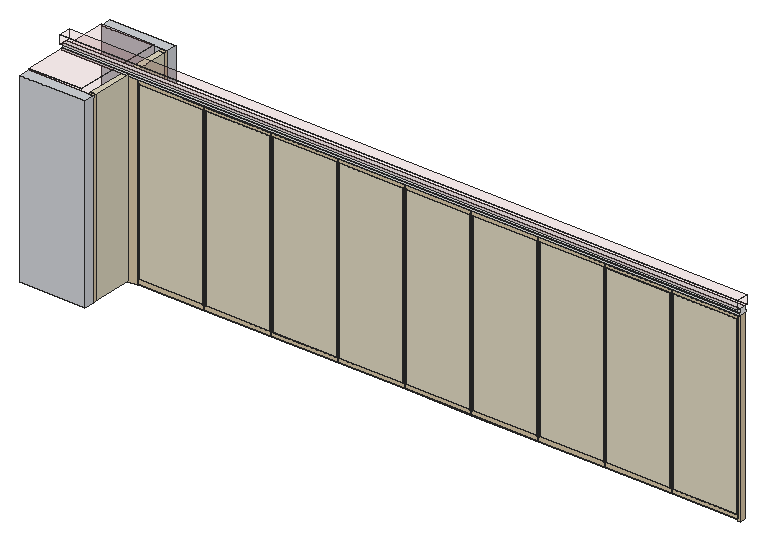
Revit family "Partition_Corflex_5500_Series_Outside_Pocket", category Specialty Equipment, Revit 2026
Family settings
  Round Connector Dimension = Use Diameter
  Part Type = Normal
  Classification Number = 23.25.40.17.11
  Work Plane-Based = No
  Enable Cutting in Views = No
  Always vertical = Yes
  Cut with Voids When Loaded = No
  Maintain Annotation Orientation = No
  Shared = No
  Room Calculation Point = No
Parameters (values of type "Outside Pocket")
  Track back offset [instance] = 0 mm  # constant formula
  Unit Height [instance] = Opening Height Auxiliary - Finished Floor Thickness - Track Location Control  # 3022.6 mm
  URL = "http://www.corflex.ca/"
  Track Lenght [instance] = 10000 mm
  Track front offset [instance] = 0 mm  # constant formula
  Track Width Above = 88.9 mm  # constant formula
  Track Width = 127 mm  # constant formula
  Track Location Control [instance] = if(Flush Ceiling Track, 0 mm, 25.4 mm)  # 25.4 mm
  Track Height = 88.9 mm  # constant formula
  Swing Angle [instance] = if(Limit Pocket Door Swing Angle, 90.00°, 135.00°)  # 135.00°
  Show Stacked [instance] = no
  Panel Width Stacked [instance] = Panel Width  # 1090 mm
  Stack Spacing Plan Control [instance] = Stack Spacing Plan / 2  # 46 mm
  Stack Spacing Plan [instance] = Panel Thickness + Field Decoration Allowance  # 92 mm
  Stack Depth Allowance [instance] = if(Panel Finish Carpet, 12.7 mm, 3.969 mm)  # 3.969 mm
  Stack Depth [instance] = (Panel Thickness * Total Panel Quantity) + 38 mm  # 866 mm
  Specification sheet = ""
  Specification = "https://www.arcat.com/company/corflex-partitions-inc-39436/spec"
  Show Extended [instance] = not(Show Stacked)  # yes
  Product Page URL = "https://www.arcat.com/company/corflex-partitions-inc-39436"
  Panel Thickness [instance] = 92 mm  # constant formula
  Opening Width [instance] = 10000 mm
  Panel Quantity Auxiliary [instance] = roundup((Opening Width - Closure Width Trail - Closure Width Lead Standard) / Panel Width Max) + Additional Panel Quantity  # 9
  Total Panel Quantity [instance] = (roundup((Opening Width - Closure Width Trail - Closure Width Lead Calculated) / Panel Width Max)) + Additional Panel Quantity  # 9
  Opening Height [instance] = 3048 mm
  Keynote = "10 22 26"
  Pocket Door Type = if(Enter Pocket Door Type = 0, "None", if(Enter Pocket Door Type = 2, "2", if(Enter Pocket Door Type = 3, "3", "Invalid")))  # "3"
  Flush Ceiling Track [instance] = no
  Enter Pocket Door Type = 3  # constant formula
  Pocket Door Left Opening [instance] = if(Enter Pocket Door Type = 3, Clearance Width / 2, Clearance Width - Pocket Door Right Opening)  # 745 mm
  Pocket Door Right Opening [instance] = if(Enter Pocket Door Type = 3, Clearance Width / 2, if(Enter Pocket Door Type = 2, (Clearance Width / 2) + 88.9 mm, Clearance Width / 2))  # 745 mm
  Partition Width [instance] = (Panel Width * Total Panel Quantity) + Closure Width Lead Calculated + Closure Width Trail  # 10000 mm
  Panel Width Min = 533 mm  # constant formula
  Panel Width Max = 1219 mm  # constant formula
  Panel Width [instance] = if(((Opening Width - Closure Width Trail - Closure Width Lead Calculated) / Total Panel Quantity) > 1219 mm, ((Opening Width - Closure Width Trail - Closure Width Lead Calculated) / (Total Panel Quantity + 1)), ((Opening Width - Closure Width Trail - Closure Width Lead Calculated) / Total Panel Quantity))  # 1090 mm
  Panel Finish Vinyl [instance] = not(Panel Finish Carpet)  # yes
  Panel Finish Carpet [instance] = no
  Model = "5500"  # constant formula
  Manufacturer Telephone = "1 877 410-2422 or (1) 450 444-2441"  # constant formula
  Manufacturer = "Corflex, Inc."  # constant formula
  Limit Pocket Door Swing Angle [instance] = no
  Finished Floor Thickness [instance] = 0 mm
  Finish Material Track = Corflex - Track - Clear anodized
  Finish Material Pocket Door = Corflex - Vinyl - Blizzard
  Finish Material Panel = Corflex - Vinyl - Blizzard
  Finish Material Metal = Corflex - Trim - Beige
  Field Decoration Allowance [instance] = 0 mm
  Default Elevation = 0 mm
  Description = "Operable Partition"  # constant formula
  Copyright = "ARCAT"
  Closure Width Trail = 152 mm  # constant formula
  Closure Width Lead Calculated [instance] = if(and(Panel Quantity Auxiliary > 15, Closure Width Lead 102 mm Only Available if Panel Quantity Exceeds 15 Panels), 102 mm, if(and(Panel Quantity Auxiliary > 15, Closure Width Lead 114 mm Only Available if Panel Quantity Exceeds 15 Panels), 114 mm, if(and(Panel Quantity Auxiliary > 15, Closure Width Lead 152 mm Only Available if Panel Quantity Exceeds 15 Panels), 152 mm, 38 mm)))  # 38 mm
  Closure Width Lead 152 mm Only Available if Panel Quantity Exceeds 15 Panels [instance] = no
  Closure Width Lead 114 mm Only Available if Panel Quantity Exceeds 15 Panels [instance] = no
  Closure Width Lead 102 mm Only Available if Panel Quantity Exceeds 15 Panels [instance] = no
  Closure Width Lead Standard = 38 mm  # constant formula
  Closure Type Trail = "Lever"  # constant formula
  Closure Type Lead = if(Closure Width Lead Standard = 38 mm, "Bulb Seal", if(Closure Width Lead Standard = 154 mm, "Lever", if(Closure Width Lead Standard = 102 mm, "Wall Jamb", "Contact Manufacturer")))  # "Bulb Seal"
  Clearance Width [instance] = Panel Width + 400 mm  # 1490 mm
  Clearance Depth [instance] = (Panel Thickness * Total Panel Quantity) + 240 mm  # 1068 mm
  Opening Height Auxiliary [instance] = if(and(Additional Panel Quantity < 0, ((Opening Width - Closure Width Trail - Closure Width Lead Calculated) / Total Panel Quantity) > 1219 mm), -50 mm, if(Opening Height > 6096 mm, 6096 mm, Opening Height))  # 3048 mm
  CSI MasterFormat 2004 = "10 22 26"
  CSI MasterFormat = "10 22 39"
  CAD Details = "https://www.arcat.com/company/corflex-partitions-inc-39436/cad"
  Assembly Code = "C1010300"
  Additional Panel Quantity [instance] = 0
  Acoustic Seal [instance] = yes
  Door Panel Position From Left [instance] = Panel Width / 2  # 545 mm
Reference planes
  plane 1 "Center (Front/Back)": y = 0
  plane 2 "Origin": z = 0
  plane 3 "Left": x = 0
  plane 4 "Right": x = 10000
  plane 5 "Back Panel": y = 46
  plane 6 "Front Panel": y = -46
  plane 7 "Back": y = 745
  plane 8 "Front": y = -745
  plane 9 "Back Track": y = 63.5
  plane 10 "Front Track": y = -63.5
  plane 11 "Array First Extended": x = 152
  plane 12 "Array Second Extended": x = 1242
  plane 13 "Right Closure Lead": x = 9962
  plane 14 "Top Clearance": z = 3251.2
  plane 15 "Bottom Panel": z = 0
  plane 16 "Top": z = 3111.5
  plane 17 "Bottom Track": z = 3022.6
  plane 18 "Center Track (Elevation)": z = 3048
  plane 19 "Ceiling Height": z = 3048
  plane 20 "Back Track Clearance": y = 101.6
  plane 21 "Front Track Clearance": y = -101.6
  plane 22: x = 10000
  plane 23 "Array First Stacked Control": x = -1064.031
  plane 24 "Panel Thickness": x = -972.031
  plane 25 "Array Second Stacked Control": x = -968.063
  plane 26 "Array First Stacked": x = -1018.031
  plane 27 "Array Second Stacked": x = -922.063
  plane 28: x = -1068
  plane 29: x = -202
  plane 30: x = -1068
Forms (mm)
  Extrusion 1, solid, material "Corflex - Track - Clear anodized" <- "Finish Material Track"
    sketch origin (0, 0, 0) x (0, 1, 0) y (0, 0, 1)
      loop
        line (44.45, 3111.5) -> (-44.45, 3111.5) -> (-44.45, 3048) -> (-63.5, 3048) -> (-63.5, 3022.6) -> (63.5, 3022.6) -> (63.5, 3048) -> (44.45, 3048) -> (44.45, 3111.5)
    from -1068 to 10000
  Extrusion 2, solid, material "Corflex - Clearance beam and track"
    sketch origin (0, 0, 0) x (0, 1, 0) y (0, 0, 1)
      loop
        line (101.6, 3251.2) -> (-101.6, 3251.2) -> (-101.6, 3111.5) -> (101.6, 3111.5) -> (101.6, 3251.2)
    from -1068 to 10000
  Extrusion 3, solid
    sketch origin (-3400, 341.346, 0) x (1, 0, 0) y (0, 1, 0)
      loop
        line (3400, 403.654) -> (3400, 581.454) -> (2332, 581.454) -> (2332, 403.654) -> (3400, 403.654)
      loop
        line (2332, -1086.346) -> (2332, -1264.146) -> (3400, -1264.146) -> (3400, -1086.346) -> (2332, -1086.346)
    from 0 to 3022.6
  Extrusion 4, solid, material "Corflex - Clearance beam and track"
    sketch origin (0, 0, 0) x (-1, 0, 0) y (0, -1, 0)
      loop
        line (1068, -745) -> (1068, 745) -> (202, 745) -> (202, -745) -> (1068, -745)
    from 0 to 3048
Lines and regions (mm)
  symbolic lines, style "Clearance"
    curve 1: line (-1068, 0, 3251.2) -> (10000, 0, 3251.2)
    curve 2: line (-1068, 0, 3048) -> (-1068, 0, 0)
    curve 3: line (100, 0, 3048) -> (100, 0, 0)
    curve 4: line (10000, 0, 3251.2) -> (10000, 0, 3048)
    curve 6: line (0, 745, 3048) -> (0, 745, 0)
    curve 7: line (0, -745, 3048) -> (0, -745, 0)
    curve 10: line (-1068, 0, 3048) -> (10000, 0, 3048)
    curve 11: line (0, 745, 0) -> (0, -745, 0)
    curve 12: line (0, 101.6, 3251.2) -> (0, -101.6, 3251.2)
    curve 13: line (0, 101.6, 3251.2) -> (0, 101.6, 3048)
    curve 14: line (0, -101.6, 3251.2) -> (0, -101.6, 3048)
    curve 15: line (0, 745, 3048) -> (0, 101.6, 3048)
    curve 16: line (0, -101.6, 3048) -> (0, -745, 3048)
    curve 19: line (-1068, 0, 0) -> (100, 0, 0)
    curve 20: line (0, 745, 0) -> (0, -745, 0)
    curve 21: line (-1068, 745, 0) -> (-1068, -745, 0)
    curve 22: line (0, 745, 0) -> (-1068, 745, 0)
    curve 23: line (0, -745, 0) -> (-1068, -745, 0)
    curve 24: line (-1068, 0, 3048) -> (-1068, 0, 3251.2)
    curve 25: line (-202, 745, 0) -> (-202, -745, 0)
  symbolic lines, style "Clearance", detail levels medium+fine
    curve 5: line (0, 101.6, 3251.2) -> (0, -101.6, 3251.2)
  symbolic lines, style "Overhead"
    curve 8: line (10000, 63.5, 3048) -> (-1068, 63.5, 3048)
    curve 9: line (10000, -63.5, 3048) -> (-1068, -63.5, 3048)
    curve 17: line (10000, 63.5, 3048) -> (10000, -63.5, 3048)
    curve 18: line (-1068, 63.5, 3048) -> (-1068, -63.5, 3048)
Dimensions and locks
  equal spacing: plane 8 "Front", plane 1 "Center (Front/Back)", plane 7 "Back"
  "Clearance Width": plane 8 "Front" to plane 7 "Back"
  "Track Width": plane 10 "Front Track" to plane 9 "Back Track"
  equal spacing: plane 10 "Front Track", plane 1 "Center (Front/Back)", plane 9 "Back Track"
  "Panel Thickness": plane 6 "Front Panel" to plane 5 "Back Panel"
  equal spacing: plane 6 "Front Panel", plane 1 "Center (Front/Back)", plane 5 "Back Panel"
  "Opening Width": plane 3 "Left" to plane 4 "Right"
  "Panel Width": plane 11 "Array First Extended" to plane 12 "Array Second Extended"
  "Closure Width Lead Calculated": plane 13 "Right Closure Lead" to plane 4 "Right"
  "Finished Floor Thickness": plane 15 "Bottom Panel" to level
  "Track Height": plane 16 "Top" to plane 17 "Bottom Track"
  locked: plane 18 "Center Track (Elevation)" to plane 17 "Bottom Track" at 25.4
  "Track Location Control": plane 19 "Ceiling Height" to plane 17 "Bottom Track"
  "Opening Height Auxiliary": plane 19 "Ceiling Height" to level
  locked: plane 14 "Top Clearance" to plane 19 "Ceiling Height" at 203.2
  equal spacing: group 1, group 2, group 3, group 4, group 5, group 6, group 7, group 8, group 9  (x3)
  "Track Width Above": Extrusion 1 sketch curve to Extrusion 1 sketch curve
  locked: plane 21 "Front Track Clearance" to plane 20 "Back Track Clearance" at 203.2
  equal spacing: plane 21 "Front Track Clearance", plane 1 "Center (Front/Back)", plane 20 "Back Track Clearance"
  equal spacing: Extrusion 1 sketch curve, plane 1 "Center (Front/Back)", Extrusion 1 sketch curve
  "Track front offset": plane 4 "Right" to plane 22
  "Stack Depth Allowance": plane 28 to plane 23 "Array First Stacked Control"
  "Stack Spacing Plan": plane 23 "Array First Stacked Control" to plane 24 "Panel Thickness"
  "Stack Depth Allowance": plane 24 "Panel Thickness" to plane 25 "Array Second Stacked Control"
  "Stack Spacing Plan Control": plane 25 "Array Second Stacked Control" to plane 27 "Array Second Stacked"
  equal spacing: plane 23 "Array First Stacked Control", plane 26 "Array First Stacked", plane 24 "Panel Thickness"
  equal spacing: group 10, group 11, group 12, group 13, group 14, group 15, group 16, group 17, group 18  (x3)
  locked: plane 7 "Back" to Extrusion 3 sketch curve at 177.8
  locked: Extrusion 3 sketch curve to plane 8 "Front" at 177.8
  "Track back offset": plane 30 to plane 28
  "Stack Depth": plane 28 to plane 29
  "Clearance Depth": plane 28 to plane 3 "Left"
  "Closure Width Trail": plane 3 "Left" to plane 11 "Array First Extended"
  aligned and locked: plane 2 "Origin" to level
  aligned and locked: plane 1 "Center (Front/Back)" to nested 1
  aligned and locked: Extrusion 1 sketch curve to plane 17 "Bottom Track"
  aligned and locked: Extrusion 1 sketch curve to plane 18 "Center Track (Elevation)"  (x2)
  aligned and locked: Extrusion 1 sketch curve to plane 16 "Top"
  aligned and locked: Extrusion 1 sketch curve to plane 9 "Back Track"
  aligned and locked: Extrusion 1 sketch curve to plane 10 "Front Track"
  aligned and locked: nested 5 to plane 1 "Center (Front/Back)"
  aligned and locked: plane 1 "Center (Front/Back)" to nested 6
  aligned and locked: plane 4 "Right" to nested 6
  aligned and locked: plane 14 "Top Clearance" to Extrusion 2 sketch curve
  aligned and locked: curve 1 to plane 14 "Top Clearance"
  aligned and locked: curve 4 to plane 4 "Right"
  aligned and locked: plane 19 "Ceiling Height" to curve 3
  aligned and locked: plane 7 "Back" to curve 6
  aligned and locked: plane 8 "Front" to curve 7
  aligned and locked: curve 8 to plane 9 "Back Track"
  aligned and locked: plane 4 "Right" to curve 8
  aligned and locked: curve 9 to plane 10 "Front Track"
  aligned and locked: Extrusion 2 sketch curve to plane 20 "Back Track Clearance"
  aligned and locked: Extrusion 2 sketch curve to plane 21 "Front Track Clearance"
  aligned and locked: curve 10 to plane 19 "Ceiling Height"
  aligned and locked: plane 4 "Right" to curve 10
  aligned and locked: plane 15 "Bottom Panel" to curve 11
  aligned and locked: plane 14 "Top Clearance" to curve 12
  aligned and locked: plane 20 "Back Track Clearance" to curve 13
  aligned and locked: plane 21 "Front Track Clearance" to curve 14
  aligned and locked: plane 19 "Ceiling Height" to curve 15
  aligned and locked: plane 19 "Ceiling Height" to curve 16
  aligned and locked: curve 19 to plane 15 "Bottom Panel"
  aligned and locked: curve 20 to plane 3 "Left"
  aligned and locked: Extrusion 2 to plane 16 "Top"
  aligned and locked: plane 22 to Extrusion 1
  aligned and locked: plane 22 to Extrusion 2
  aligned and locked: plane 17 "Bottom Track" to Extrusion 3
  aligned and locked: Extrusion 3 to plane 7 "Back"
  aligned and locked: plane 1 "Center (Front/Back)" to nested 11
  aligned and locked: Extrusion 4 sketch curve to plane 8 "Front"
  aligned and locked: Extrusion 4 sketch curve to plane 7 "Back"
  aligned and locked: plane 18 "Center Track (Elevation)" to Extrusion 4
  aligned and locked: plane 11 "Array First Extended" to nested 1
  aligned and locked: plane 12 "Array Second Extended" to nested 2
  aligned and locked: plane 26 "Array First Stacked" to nested 13
  aligned and locked: plane 27 "Array Second Stacked" to nested 14
  aligned and locked: plane 28 to Extrusion 3 sketch curve  (x2)
  aligned and locked: Extrusion 3 sketch curve to plane 8 "Front"
  aligned and locked: Extrusion 4 sketch curve to plane 29
  aligned and locked: Extrusion 4 sketch curve to plane 28
  aligned and locked: curve 21 to plane 28
  aligned and locked: plane 30 to Extrusion 2
  aligned and locked: plane 30 to Extrusion 1
  aligned and locked: plane 30 to curve 18
  aligned and locked: curve 24 to plane 30
  aligned and locked: curve 2 to plane 28
  aligned and locked: nested 5 to plane 3 "Left"
  aligned and locked: Extrusion 3 sketch curve to plane 3 "Left"
  aligned and locked: plane 7 "Back" to curve 25
  aligned and locked: plane 8 "Front" to curve 25
  aligned and locked: curve 25 to plane 29
Automatic sketch dimensions
  plane 3 "Left" to curve 3 = 100 mm
  Extrusion 2 sketch curve to plane 16 "Top" = 0 mm
  Extrusion 3 sketch curve to plane 3 "Left" = 0 mm
  Extrusion 3 sketch curve to plane 7 "Back" = 0 mm
Nested families
  nested 1: "Panel" at (697, 0, 0), visible <- "Show Extended", Acoustic Seal <- "Acoustic Seal", type "Extended"
    with Acoustic Seal yes
  nested 2: "Panel" at (1787, 0, 0), visible <- "Show Extended", Acoustic Seal <- "Acoustic Seal", type "Extended"
    with Acoustic Seal yes
  nested 3: "Panel" at (2877, 0, 0), visible <- "Show Extended", Acoustic Seal <- "Acoustic Seal", type "Extended"
    with Acoustic Seal yes
  nested 4: "Panel" at (3967, 0, 0), visible <- "Show Extended", Acoustic Seal <- "Acoustic Seal", type "Extended"
    with Acoustic Seal yes
  nested 5: "Closure" at (152, 0, 0) x (-1, 0, 0) z (0, 0, 1), type "Trail"
    with Show Stacked no, Show Extended yes, Panel Thickness 92 mm, Not Flange yes, Masking Region Depth 0 mm, Height 3022.6 mm, Closure Width 152 mm, Ceiling Height 3048 mm, Bottom Seal Height 25 mm
  nested 6: "Closure" at (9962, 0, 0), type "Lead"
    with Show Stacked no, Show Extended yes, Panel Thickness 92 mm, Not Flange yes, Masking Region Depth 0 mm, Height 3022.6 mm, Closure Width 38 mm, Ceiling Height 3048 mm, Bottom Seal Height 25 mm
  nested 7: "Panel" at (5057, 0, 0), visible <- "Show Extended", Acoustic Seal <- "Acoustic Seal", type "Extended"
    with Acoustic Seal yes
  nested 8: "Panel" at (6147, 0, 0), visible <- "Show Extended", Acoustic Seal <- "Acoustic Seal", type "Extended"
    with Acoustic Seal yes
  nested 9: "Panel" at (7237, 0, 0), visible <- "Show Extended", Acoustic Seal <- "Acoustic Seal", type "Extended"
    with Acoustic Seal yes
  nested 10: "Panel" at (8327, 0, 0), visible <- "Show Extended", Acoustic Seal <- "Acoustic Seal", type "Extended"
    with Acoustic Seal yes
  nested 11: "Pocket Door Multiple" at (0, 0, 0) x (0, -1, 0) z (0, 0, 1), type "Pocket Door Multiple"
  nested 12: "Panel" at (9417, 0, 0), visible <- "Show Extended", Acoustic Seal <- "Acoustic Seal", type "Extended"
    with Acoustic Seal yes
  nested 13: "Panel" at (-1018.031, 0, 0) x (0, 1, 0) z (0, 0, 1), visible <- "Show Stacked", type "Stacked"
    with Acoustic Seal no
  nested 14: "Panel" at (-922.063, 0, 0) x (0, 1, 0) z (0, 0, 1), visible <- "Show Stacked", type "Stacked"
    with Acoustic Seal no
  nested 15: "Panel" at (-826.094, 0, 0) x (0, 1, 0) z (0, 0, 1), visible <- "Show Stacked", type "Stacked"
    with Acoustic Seal no
  nested 16: "Panel" at (-730.125, 0, 0) x (0, 1, 0) z (0, 0, 1), visible <- "Show Stacked", type "Stacked"
    with Acoustic Seal no
  nested 17: "Panel" at (-634.156, 0, 0) x (0, 1, 0) z (0, 0, 1), visible <- "Show Stacked", type "Stacked"
    with Acoustic Seal no
  nested 18: "Panel" at (-538.188, 0, 0) x (0, 1, 0) z (0, 0, 1), visible <- "Show Stacked", type "Stacked"
    with Acoustic Seal no
  nested 19: "Panel" at (-442.219, 0, 0) x (0, 1, 0) z (0, 0, 1), visible <- "Show Stacked", type "Stacked"
    with Acoustic Seal no
  nested 20: "Panel" at (-346.25, 0, 0) x (0, 1, 0) z (0, 0, 1), visible <- "Show Stacked", type "Stacked"
    with Acoustic Seal no
  nested 21: "Panel Center Line" at (-1018.031, 0, 0), Panel Width Stacked <- "Panel Width Stacked", type "Panel Center Line"
    with Panel Width Stacked 1090 mm
  nested 22: "Panel Center Line" at (-922.063, 0, 0), Panel Width Stacked <- "Panel Width Stacked", type "Panel Center Line"
    with Panel Width Stacked 1090 mm
  nested 23: "Panel Center Line" at (-826.094, 0, 0), Panel Width Stacked <- "Panel Width Stacked", type "Panel Center Line"
    with Panel Width Stacked 1090 mm
  nested 24: "Panel Center Line" at (-730.125, 0, 0), Panel Width Stacked <- "Panel Width Stacked", type "Panel Center Line"
    with Panel Width Stacked 1090 mm
  nested 25: "Panel Center Line" at (-634.156, 0, 0), Panel Width Stacked <- "Panel Width Stacked", type "Panel Center Line"
    with Panel Width Stacked 1090 mm
  nested 26: "Panel Center Line" at (-538.188, 0, 0), Panel Width Stacked <- "Panel Width Stacked", type "Panel Center Line"
    with Panel Width Stacked 1090 mm
  nested 27: "Panel Center Line" at (-442.219, 0, 0), Panel Width Stacked <- "Panel Width Stacked", type "Panel Center Line"
    with Panel Width Stacked 1090 mm
  nested 28: "Panel Center Line" at (-346.25, 0, 0), Panel Width Stacked <- "Panel Width Stacked", type "Panel Center Line"
    with Panel Width Stacked 1090 mm
  nested 29: "Panel" at (-250.281, 0, 0) x (0, 1, 0) z (0, 0, 1), visible <- "Show Stacked", type "Stacked"
    with Acoustic Seal no
  nested 30: "Panel Center Line" at (-250.281, 0, 0), Panel Width Stacked <- "Panel Width Stacked", type "Panel Center Line"
    with Panel Width Stacked 1090 mm
Definition of nested family "Panel"
  Parameters (values of type "Extended")
    Width = 1090 mm
    URL = ""
    Panic lever Length = Width - 90 mm  # 1000 mm
    Panel Thickness = 92 mm
    Manufacturer = ""
    Keynote = ""
    Height = 3022.6 mm
    Finished Floor Thickness = 0 mm
    Finish Material Metal = none
    Finish Material Panel = none
    Default Elevation = 0 mm
    Acoustic Seal [instance] = yes
  Types (2): name
    Stacked
    Extended
  Reference planes
    plane 1 "Center (Front/Back)": y = 0
    plane 2: z = 0
    plane 3 "Left": x = -545
    plane 4 "Right": x = 545
    plane 5 "Bottom Panel": z = 25
    plane 6 "Top": z = 2997.6
    plane 7 "Top Seal": z = 2972.2
    plane 8 "Bottom Seal": z = 63.1
    plane 9 "Left Panel": x = -522.775
    plane 10 "Right Trim": x = 522.775
    plane 11 "Top Trim": z = 2946.8
    plane 12 "Bottom Trim": z = 88.5
    plane 13 "Center (Left/Right)": x = 0
    plane 14 "Back": y = 46
    plane 15 "Front": y = -46
    plane 16 "Back Seal": y = 25.362
    plane 17 "Front Seal": y = -25.363
    plane 18: z = 900
    plane 19: z = 0
    plane 20: z = 3022.6
  Forms (mm)
    Extrusion 1, solid, material <- "Finish Material Panel"
      sketch origin (0, 0, 0) x (1, 0, 0) y (0, 1, 0)
        loop
          line (-522.775, 46) -> (-522.775, -46) -> (522.775, -46) -> (522.775, 46) -> (-522.775, 46)
      from 88.5 to 2946.8
    Extrusion 2, solid, material <- "Finish Material Metal"
      sketch origin (-545, 0, 0) x (0, 1, 0) y (0, 0, 1)
        loop
          line (46, 25) -> (46, 88.5) -> (-46, 88.5) -> (-46, 25) -> (46, 25)
        loop
          line (46, 2997.6) -> (-46, 2997.6) -> (-46, 2946.8) -> (46, 2946.8) -> (46, 2997.6)
      from 0 to 1090
    Extrusion 3, solid, material <- "Finish Material Metal"
      sketch origin (-622.3, 0, 0) x (1, 0, 0) y (0, 1, 0)
        loop
          line (77.3, 46) -> (77.3, -46) -> (99.525, -46) -> (99.525, 46) -> (77.3, 46)
        loop
          line (1167.3, 46) -> (1145.075, 46) -> (1145.075, -46) -> (1167.3, -46) -> (1167.3, 46)
      from 88.5 to 2946.8
    Extrusion 4, solid
      sketch origin (-5.333, -447.76, 0) x (1, 0, 0) y (0, 1, 0)
        loop
          line (-539.667, 473.122) -> (-539.667, 422.397) -> (550.333, 422.397) -> (550.333, 473.122) -> (-539.667, 473.122)
      from 0 to 25
    Extrusion 5, solid, visible <- "Acoustic Seal"
      sketch origin (-5.333, -447.76, 4120) x (1, 0, 0) y (0, 1, 0)
        loop
          line (-539.667, 473.122) -> (-539.667, 422.397) -> (550.333, 422.397) -> (550.333, 473.122) -> (-539.667, 473.122)
      from -1122.4 to -1097.4
  Lines and regions (mm)
    Masking region 1
      outline origin (0, 0, 0) x (1, 0, 0) y (0, 1, 0)
        loop
          line (545, 46) -> (-545, 46) -> (-545, -46) -> (545, -46) -> (545, 46)
    reference lines
      curve 1: line (-545, 46, 0) -> (-545, -46, 0)
      curve 2: line (545, 46, 0) -> (545, -46, 0)
      curve 3: line (-545, 0, 2997.6) -> (-545, 0, 0)
      curve 4: line (545, 0, 2997.6) -> (545, 0, 0)
  Dimensions and locks
    "Height": plane 20 to plane 19
    locked: plane 6 "Top" to plane 7 "Top Seal" at 25.4
    locked: plane 8 "Bottom Seal" to plane 5 "Bottom Panel" at 38.1
    locked: plane 7 "Top Seal" to plane 11 "Top Trim" at 25.4
    locked: plane 12 "Bottom Trim" to plane 8 "Bottom Seal" at 25.4
    "Panel Thickness": plane 15 "Front" to plane 14 "Back"
    "Width": plane 4 "Right" to plane 3 "Left"
    equal spacing: plane 4 "Right", plane 13 "Center (Left/Right)", plane 3 "Left"
    "Finished Floor Thickness": plane 19 to plane 2
    equal spacing: plane 15 "Front", plane 1 "Center (Front/Back)", plane 14 "Back"
    locked: plane 16 "Back Seal" to plane 14 "Back" at 20.638
    locked: plane 15 "Front" to plane 17 "Front Seal" at 20.637
    locked: plane 18 to plane 19 at 900
    plane 10 "Right Trim" to plane 9 "Left Panel" = 1045.55 mm
    locked: plane 5 "Bottom Panel" to plane 19 at 25
    locked: plane 20 to plane 6 "Top" at 25
    locked: plane 3 "Left" to plane 9 "Left Panel" at 22.225
    locked: plane 10 "Right Trim" to plane 4 "Right" at 22.225
    aligned and locked: plane 2 to level
    aligned and locked: plane 11 "Top Trim" to Extrusion 1
    aligned and locked: Extrusion 1 to plane 12 "Bottom Trim"
    aligned and locked: curve 1 to plane 3 "Left"
    aligned and locked: curve 2 to plane 4 "Right"
    aligned and locked: curve 3 to plane 3 "Left"
    aligned and locked: curve 4 to plane 4 "Right"
    aligned and locked: plane 6 "Top" to curve 3
    aligned and locked: plane 6 "Top" to curve 4
    aligned and locked: plane 2 to curve 3
    aligned and locked: plane 2 to curve 4
    aligned and locked: Extrusion 2 to plane 3 "Left"
    aligned and locked: plane 4 "Right" to Extrusion 2
    aligned and locked: Extrusion 3 to plane 12 "Bottom Trim"
    aligned and locked: plane 11 "Top Trim" to Extrusion 3
    aligned and locked: Masking region 1 sketch curve to plane 14 "Back"
    aligned and locked: Masking region 1 sketch curve to plane 15 "Front"
    aligned and locked: Masking region 1 sketch curve to plane 3 "Left"
    aligned and locked: Masking region 1 sketch curve to plane 4 "Right"
    aligned and locked: plane 2 to curve 1
    aligned and locked: plane 2 to curve 2
    aligned and locked: Extrusion 4 to plane 3 "Left"
    aligned and locked: plane 4 "Right" to Extrusion 4
    aligned and locked: Extrusion 4 to plane 16 "Back Seal"
    aligned and locked: plane 17 "Front Seal" to Extrusion 4
    aligned and locked: Extrusion 4 to plane 19
    aligned and locked: plane 5 "Bottom Panel" to Extrusion 4
    aligned and locked: Extrusion 5 to plane 3 "Left"
    aligned and locked: plane 4 "Right" to Extrusion 5
    aligned and locked: Extrusion 5 to plane 6 "Top"
    aligned and locked: Extrusion 5 to plane 20
    aligned and locked: Extrusion 3 to plane 10 "Right Trim"  (x2)
    aligned and locked: plane 9 "Left Panel" to Extrusion 3  (x2)
    aligned and locked: plane 10 "Right Trim" to Extrusion 1
    aligned and locked: Extrusion 1 to plane 9 "Left Panel"
    aligned and locked: plane 5 "Bottom Panel" to Extrusion 2 sketch curve
  Automatic sketch dimensions
    plane 15 "Front" to Extrusion 1 sketch curve = 0 mm
    plane 14 "Back" to Extrusion 1 sketch curve = 0 mm
    Extrusion 2 sketch curve to plane 11 "Top Trim" = 0 mm
    Extrusion 2 sketch curve to plane 15 "Front" = 0 mm  (x2)
    Extrusion 2 sketch curve to plane 14 "Back" = 0 mm  (x2)
    Extrusion 2 sketch curve to plane 6 "Top" = 0 mm
    Extrusion 2 sketch curve to plane 12 "Bottom Trim" = 0 mm
    Extrusion 3 sketch curve to plane 3 "Left" = 0 mm
    Extrusion 3 sketch curve to plane 4 "Right" = 0 mm
    plane 15 "Front" to Extrusion 3 sketch curve = 0 mm  (x2)
    plane 14 "Back" to Extrusion 3 sketch curve = 0 mm  (x2)
    Extrusion 4 sketch curve to plane 3 "Left" = 0 mm
    Extrusion 4 sketch curve to plane 4 "Right" = 0 mm
    plane 17 "Front Seal" to Extrusion 4 sketch curve = 0 mm
    plane 16 "Back Seal" to Extrusion 4 sketch curve = 0 mm
    Extrusion 5 sketch curve to plane 3 "Left" = 0 mm
    Extrusion 5 sketch curve to plane 4 "Right" = 0 mm
    plane 17 "Front Seal" to Extrusion 5 sketch curve = 0 mm
    plane 16 "Back Seal" to Extrusion 5 sketch curve = 0 mm
    Extrusion 1 sketch curve to plane 10 "Right Trim" = 0 mm
    Extrusion 3 sketch curve to plane 10 "Right Trim" = 0 mm
    Extrusion 1 sketch curve to plane 9 "Left Panel" = 0 mm
    Extrusion 3 sketch curve to plane 9 "Left Panel" = 0 mm
    plane 15 "Front" to curve 1 = 0 mm
    plane 15 "Front" to curve 2 = 0 mm
    plane 14 "Back" to curve 2 = 0 mm
    plane 14 "Back" to curve 1 = 0 mm
Definition of nested family "Closure"
  Parameters (values of type "Trail")
    URL = ""
    Show Stacked = not(Show Extended)  # yes
    Show Extended = no
    Panel Thickness = 91.976 mm
    Not Flange = and(Show Extended, not(Flange))  # no
    Masking Region Depth = if(Closure Width = 152.4 mm, 12.7 mm, 0 mm)  # 12.7 mm
    Manufacturer = ""
    Keynote = ""
    Height = 2717.8 mm
    Flange = and(Show Extended, Closure Width = 152.4 mm)  # no
    Finished Floor Thickness = 0 mm
    Finish Material Panel = none
    Finish Material Metal = none
    Default Elevation = 0 mm
    Closure Width = 152.4 mm
    Ceiling Height = 2743.2 mm
    Bottom Seal Height = 38.1 mm
  Types (2): name
    Trail
    Lead
  Reference planes
    plane 1 "Center (Front/Back)": y = 0
    plane 2: z = 0
    plane 3 "Left": x = -50.8
    plane 4 "Right": x = 152.4
    plane 5 "Bottom Panel": z = 0
    plane 6 "Top": z = 2717.8
    plane 7 "Center (Left/Right)": x = 0
    plane 8 "Back": y = 45.988
    plane 9 "Front": y = -45.988
    plane 10 "Front Lever Closure": y = -58.688
    plane 11 "Back Lever Closure": y = 58.688
    plane 12 "Back Masking Region": y = 58.688
    plane 13 "Front Masking Region": y = -58.688
    plane 14 "Top Base Trim": z = 63.5
    plane 15 "Top Seal": z = 38.1
    plane 16 "Top Trim": z = 2667
    plane 17 "Left Trim": x = -31.75
    plane 18 "Right Trim": x = 133.35
  Forms (mm)
    Extrusion 1, solid, material <- "Finish Material Panel", visible <- "Flange"
      sketch origin (0, 0, 0) x (1, 0, 0) y (0, 1, 0)
        loop
          line (-31.75, 58.688) -> (-31.75, 45.988) -> (0, 45.988) -> (0, -45.988) -> (-31.75, -45.988) -> (-31.75, -58.688) -> (133.35, -58.688) -> (133.35, 58.688) -> (-31.75, 58.688)
      from 63.5 to 2667
    Extrusion 2, solid, material <- "Finish Material Metal", visible <- "Not Flange"
      sketch origin (0, 0, 0) x (1, 0, 0) y (0, 1, 0)
        loop
          line (152.4, 45.988) -> (0, 45.988) -> (0, -45.988) -> (152.4, -45.988) -> (152.4, 45.988)
      from 0 to 2717.8
    Extrusion 3, solid, material <- "Finish Material Metal", visible <- "Flange"
      sketch origin (0, 0, 0) x (1, 0, 0) y (0, 1, 0)
        loop
          line (-50.8, 58.688) -> (-50.8, 45.988) -> (-31.75, 45.988) -> (-31.75, 58.688) -> (-50.8, 58.688)
        loop
          line (-50.8, -45.988) -> (-50.8, -58.688) -> (-31.75, -58.688) -> (-31.75, -45.988) -> (-50.8, -45.988)
        loop
          line (133.35, 58.688) -> (133.35, -58.688) -> (152.4, -58.688) -> (152.4, 58.688) -> (133.35, 58.688)
      from 63.5 to 2667
    Extrusion 4, solid, material <- "Finish Material Metal", visible <- "Flange"
      sketch origin (0, 0, 0) x (1, 0, 0) y (0, 1, 0)
        loop
          line (152.4, 58.688) -> (-50.8, 58.688) -> (-50.8, 45.988) -> (0, 45.988) -> (0, -45.988) -> (-50.8, -45.988) -> (-50.8, -58.688) -> (152.4, -58.688) -> (152.4, 58.688)
      from 0 to 63.5
    Extrusion 5, solid, material <- "Finish Material Metal", visible <- "Flange"
      sketch origin (0, 0, 0) x (1, 0, 0) y (0, 1, 0)
        loop
          line (152.4, 58.688) -> (-50.8, 58.688) -> (-50.8, 45.988) -> (0, 45.988) -> (0, -45.988) -> (-50.8, -45.988) -> (-50.8, -58.688) -> (152.4, -58.688) -> (152.4, 58.688)
      from 2667 to 2717.8
  Lines and regions (mm)
    Masking region 1, visible <- "Show Extended"
      outline origin (0, 0, 0) x (1, 0, 0) y (0, 1, 0)
        loop
          line (152.4, 58.688) -> (0, 58.688) -> (0, -58.688) -> (152.4, -58.688) -> (152.4, 58.688)
  Dimensions and locks
    "Height": plane 6 "Top" to plane 5 "Bottom Panel"
    "Panel Thickness": plane 9 "Front" to plane 8 "Back"
    "Finished Floor Thickness": plane 5 "Bottom Panel" to plane 2
    equal spacing: plane 9 "Front", plane 1 "Center (Front/Back)", plane 8 "Back"
    "Closure Width": plane 7 "Center (Left/Right)" to plane 4 "Right"
    locked: plane 3 "Left" to plane 7 "Center (Left/Right)" at 50.8
    locked: plane 8 "Back" to plane 11 "Back Lever Closure" at 12.7
    locked: plane 10 "Front Lever Closure" to plane 9 "Front" at 12.7
    "Masking Region Depth": plane 8 "Back" to plane 12 "Back Masking Region"
    "Masking Region Depth": plane 13 "Front Masking Region" to plane 9 "Front"
    "Bottom Seal Height": plane 15 "Top Seal" to plane 5 "Bottom Panel"
    locked: plane 14 "Top Base Trim" to plane 15 "Top Seal" at 25.4
    locked: plane 6 "Top" to plane 16 "Top Trim" at 50.8
    locked: plane 18 "Right Trim" to plane 4 "Right" at 19.05
    locked: plane 3 "Left" to plane 17 "Left Trim" at 19.05
    aligned and locked: plane 2 to level
    aligned and locked: Extrusion 2 sketch curve to plane 9 "Front"
    aligned and locked: Extrusion 2 sketch curve to plane 8 "Back"
    aligned and locked: Extrusion 2 sketch curve to plane 4 "Right"
    aligned and locked: Extrusion 2 sketch curve to plane 7 "Center (Left/Right)"
    aligned and locked: plane 6 "Top" to Extrusion 2
    aligned and locked: Extrusion 2 to plane 5 "Bottom Panel"
    aligned and locked: Masking region 1 sketch curve to plane 4 "Right"
    aligned and locked: Masking region 1 sketch curve to plane 12 "Back Masking Region"
    aligned and locked: Masking region 1 sketch curve to plane 13 "Front Masking Region"
    aligned and locked: Masking region 1 sketch curve to plane 7 "Center (Left/Right)"
    aligned and locked: plane 16 "Top Trim" to Extrusion 1
    aligned and locked: Extrusion 1 to plane 14 "Top Base Trim"
    aligned and locked: Extrusion 3 sketch curve to plane 3 "Left"  (x2)
    aligned and locked: Extrusion 3 sketch curve to plane 17 "Left Trim"  (x2)
    aligned and locked: Extrusion 3 sketch curve to plane 8 "Back"
    aligned and locked: Extrusion 3 sketch curve to plane 11 "Back Lever Closure"  (x2)
    aligned and locked: Extrusion 3 sketch curve to plane 4 "Right"
    aligned and locked: Extrusion 3 sketch curve to plane 18 "Right Trim"
    aligned and locked: Extrusion 3 sketch curve to plane 9 "Front"
    aligned and locked: Extrusion 3 sketch curve to plane 10 "Front Lever Closure"  (x2)
    aligned and locked: Extrusion 3 to Extrusion 1
    aligned and locked: plane 16 "Top Trim" to Extrusion 3
    aligned and locked: Extrusion 4 to plane 5 "Bottom Panel"
    aligned and locked: plane 14 "Top Base Trim" to Extrusion 4
    aligned and locked: Extrusion 5 to plane 16 "Top Trim"
    aligned and locked: plane 6 "Top" to Extrusion 5
    aligned and locked: plane 11 "Back Lever Closure" to Extrusion 1 sketch curve
    aligned and locked: plane 8 "Back" to Extrusion 1 sketch curve
    aligned and locked: plane 9 "Front" to Extrusion 1 sketch curve
    aligned and locked: plane 10 "Front Lever Closure" to Extrusion 1 sketch curve
    aligned and locked: Extrusion 1 sketch curve to plane 18 "Right Trim"
    aligned and locked: Extrusion 1 sketch curve to plane 7 "Center (Left/Right)"
    aligned and locked: Extrusion 1 sketch curve to plane 17 "Left Trim"  (x2)
    aligned and locked: Extrusion 4 sketch curve to plane 11 "Back Lever Closure"
    aligned and locked: Extrusion 4 sketch curve to plane 4 "Right"
    aligned and locked: Extrusion 4 sketch curve to plane 10 "Front Lever Closure"
    aligned and locked: Extrusion 4 sketch curve to plane 3 "Left"  (x2)
    aligned and locked: Extrusion 4 sketch curve to plane 8 "Back"
    aligned and locked: Extrusion 4 sketch curve to plane 9 "Front"
    aligned and locked: Extrusion 4 sketch curve to plane 7 "Center (Left/Right)"
    aligned and locked: Extrusion 5 sketch curve to plane 11 "Back Lever Closure"
    aligned and locked: Extrusion 5 sketch curve to plane 10 "Front Lever Closure"
    aligned and locked: Extrusion 5 sketch curve to plane 4 "Right"
    aligned and locked: Extrusion 5 sketch curve to plane 7 "Center (Left/Right)"
    aligned and locked: Extrusion 5 sketch curve to plane 3 "Left"  (x2)
    aligned and locked: Extrusion 5 sketch curve to plane 8 "Back"
    aligned and locked: Extrusion 5 sketch curve to plane 9 "Front"
Definition of nested family "Pocket Door Multiple"
  Parameters (values of type "Pocket Door Multiple")
    Width = 1490 mm
    Swing Angle = 135.00°
    Show Type 4 = Pckt Type = 4  # no
    Show Type 2-3-4 = or(Pckt Type = 2, Pckt Type = 3, Pckt Type = 4)  # yes
    Show Type 2-3 = or(Pckt Type = 2, Pckt Type = 3)  # yes
    Pckt Type = 3
    Left Panel Width = Left Opening - 47.625 mm  # 697.375 mm
    Right Panel Width = Right Opening - 47.625 mm  # 697.375 mm
    Left Opening = 745 mm
    Right Opening = 745 mm
    Height = 3022.6 mm
    Finished Floor Thickness = 0 mm
    Finish Material Pocket Door = none
    Finish Material Metal = none
    Default Elevation = 0 mm
    Assembly Code = ""
  Reference planes
    plane 1 "Back": y = 0
    plane 2 "Origin": z = 0
    plane 3 "Front Frame": x = 697.375
    plane 4 "Front Pckt Door": x = 0
    plane 5 "Swing Angle Control": y = -9.525
    plane 6 "Back Pckt Door": x = 0
    plane 7 "Back Frame": x = -697.375
    plane 8 "Center (Left/Right)": x = 0
    plane 9 "Left": x = -745
    plane 10 "Right": x = 745
    plane 11 "Front": y = -88.9
    plane 12: z = 0
    plane 13: z = 3022.6
  Forms (mm)
    Extrusion 1, solid, material <- "Finish Material Pocket Door"
      sketch origin (0, 0, 0) x (1, 0, 0) y (0, 1, 0)
        loop
          line (-3.175, 0) -> (-697.375, 0) -> (-697.375, -88.9) -> (-3.175, -88.9) -> (-3.175, 0)
        loop
          line (3.175, 0) -> (3.175, -88.9) -> (697.375, -88.9) -> (697.375, 0) -> (3.175, 0)
      from 0 to 3022.6
    Extrusion 2, solid, material <- "Finish Material Metal"
      sketch origin (0, 0, 0) x (1, 0, 0) y (0, 1, 0)
        loop
          line (-745, 0) -> (-745, -88.9) -> (-697.375, -88.9) -> (-697.375, 0) -> (-745, 0)
        loop
          line (697.375, 0) -> (697.375, -88.9) -> (745, -88.9) -> (745, 0) -> (697.375, 0)
      from 0 to 3022.6
  Lines and regions (mm)
    Masking region 1
      outline origin (0, 0, 0) x (1, 0, 0) y (0, 1, 0)
        loop
          line (0, 0) -> (-697.375, 0) -> (-697.375, -88.9) -> (0, -88.9) -> (0, 0)
    Masking region 2
      outline origin (0, 0, 0) x (1, 0, 0) y (0, 1, 0)
        loop
          line (697.375, 0) -> (0, 0) -> (0, -88.9) -> (697.375, -88.9) -> (697.375, 0)
    Masking region 3
      outline origin (0, 0, 0) x (1, 0, 0) y (0, 1, 0)
        loop
          line (-745, 0) -> (-745, -88.9) -> (-697.375, -88.9) -> (-697.375, 0) -> (-745, 0)
    Masking region 4
      outline origin (0, 0, 0) x (1, 0, 0) y (0, 1, 0)
        loop
          line (697.375, 0) -> (697.375, -88.9) -> (745, -88.9) -> (745, 0) -> (697.375, 0)
    symbolic lines, visible <- "Show Type 2-3-4"
      curve 1: line (697.375, 0, 0) -> (1190.494, 493.119, 0)
      curve 4: arc (1190.494, 493.119, 0) -> (426.107, 642.453, 0) -> (0.065, -9.525, 0) r 697.375
    symbolic lines, visible <- "Show Type 2-3-4", detail levels medium+fine
      curve 2: line (1190.494, 493.119, 0) -> (1127.632, 555.98, 0)
      curve 3: line (697.375, 0, 0) -> (634.513, 62.862, 0)
      curve 7: line (634.513, 62.862, 0) -> (1127.632, 555.98, 0)
    symbolic lines, visible <- "Show Type 4", detail levels medium+fine
      curve 5: line (571.651, 125.724, 0) -> (1064.77, 618.842, 0)
      curve 6: line (634.513, 62.862, 0) -> (571.651, 125.724, 0)
      curve 8: line (1127.632, 555.98, 0) -> (1064.77, 618.842, 0)
    symbolic lines, visible <- "Show Type 2-3"
      curve 9: line (-697.375, 0, 0) -> (-1190.494, 493.119, 0)
      curve 13: arc (-1190.494, 493.119, 0) -> (-426.107, 642.453, 0) -> (-0.065, -9.525, 0) r 697.375
    symbolic lines, visible <- "Show Type 2-3", detail levels medium+fine
      curve 10: line (-634.513, 62.862, 0) -> (-1127.632, 555.98, 0)
      curve 11: line (-697.375, 0, 0) -> (-634.513, 62.862, 0)
      curve 12: line (-1190.494, 493.119, 0) -> (-1127.632, 555.98, 0)
    symbolic lines, visible <- "Show Type 4", detail levels coarse
      curve 14: line (1190.494, 493.119, 0) -> (571.651, 125.724, 0)
  Dimensions and locks
    "Left Panel Width": curve 2 to curve 3
    locked: curve 7 to curve 1 at 88.9
    "Left Panel Width": plane 4 "Front Pckt Door" to plane 3 "Front Frame"
    locked: curve 7 to curve 5 at 88.9
    locked: plane 5 "Swing Angle Control" to plane 1 "Back" at 9.525
    locked: curve 10 to curve 9 at 88.9
    "Right Panel Width": curve 11 to curve 12
    "Right Panel Width": curve 8 to curve 6
    "Right Panel Width": plane 7 "Back Frame" to plane 6 "Back Pckt Door"
    "Width": plane 9 "Left" to plane 10 "Right"
    equal spacing: plane 9 "Left", plane 8 "Center (Left/Right)", plane 10 "Right"
    "Right Opening": plane 9 "Left" to plane 6 "Back Pckt Door"
    "Left Opening": plane 4 "Front Pckt Door" to plane 10 "Right"
    locked: plane 11 "Front" to plane 1 "Back" at 88.9
    locked: Extrusion 1 sketch curve to plane 6 "Back Pckt Door" at 3.175
    locked: plane 4 "Front Pckt Door" to Extrusion 1 sketch curve at 3.175
    "Finished Floor Thickness": plane 12 to plane 2 "Origin"
    "Height": plane 13 to plane 12
    "Swing Angle": angle curve 1 to plane 1 "Back"
    "Swing Angle": angle curve 5 to plane 1 "Back"
    "Swing Angle": angle plane 1 "Back" to curve 9
    aligned and locked: plane 1 "Back" to curve 1
    aligned and locked: plane 3 "Front Frame" to curve 1
    aligned and locked: plane 3 "Front Frame" to curve 4
    aligned and locked: plane 1 "Back" to curve 4
    aligned and locked: plane 5 "Swing Angle Control" to curve 4
    aligned and locked: plane 7 "Back Frame" to curve 9
    aligned and locked: plane 1 "Back" to curve 9
    aligned and locked: plane 7 "Back Frame" to curve 13
    aligned and locked: plane 1 "Back" to curve 13
    aligned and locked: plane 5 "Swing Angle Control" to curve 13
    aligned and locked: Extrusion 1 sketch curve to plane 1 "Back"  (x2)
    aligned and locked: Extrusion 1 sketch curve to plane 11 "Front"  (x2)
    aligned and locked: Extrusion 1 sketch curve to plane 7 "Back Frame"
    aligned and locked: Extrusion 1 sketch curve to plane 3 "Front Frame"
    aligned and locked: Extrusion 1 to plane 12
    aligned and locked: plane 13 to Extrusion 1
    aligned and locked: Extrusion 2 sketch curve to plane 9 "Left"
    aligned and locked: Extrusion 2 sketch curve to plane 7 "Back Frame"
    aligned and locked: Extrusion 2 sketch curve to plane 1 "Back"  (x2)
    aligned and locked: Extrusion 2 sketch curve to plane 11 "Front"  (x2)
    aligned and locked: Extrusion 2 sketch curve to plane 10 "Right"
    aligned and locked: Extrusion 2 sketch curve to plane 3 "Front Frame"
    aligned and locked: Extrusion 2 to Extrusion 1
    aligned and locked: Extrusion 2 to plane 12
    aligned and locked: Masking region 1 sketch curve to plane 1 "Back"
    aligned and locked: Masking region 1 sketch curve to plane 11 "Front"
    aligned and locked: Masking region 1 sketch curve to plane 7 "Back Frame"
    aligned and locked: Masking region 1 sketch curve to plane 6 "Back Pckt Door"
    aligned and locked: Masking region 2 sketch curve to plane 3 "Front Frame"
    aligned and locked: Masking region 2 sketch curve to plane 4 "Front Pckt Door"
    aligned and locked: Masking region 2 sketch curve to plane 1 "Back"
    aligned and locked: Masking region 2 sketch curve to plane 11 "Front"
    aligned and locked: plane 9 "Left" to Masking region 3 sketch curve
    aligned and locked: plane 1 "Back" to Masking region 3 sketch curve
    aligned and locked: Masking region 3 sketch curve to plane 11 "Front"
    aligned and locked: Masking region 3 sketch curve to plane 7 "Back Frame"
    aligned and locked: plane 1 "Back" to Masking region 4 sketch curve
    aligned and locked: plane 3 "Front Frame" to Masking region 4 sketch curve
    aligned and locked: Masking region 4 sketch curve to plane 10 "Right"
    aligned and locked: Masking region 4 sketch curve to plane 11 "Front"
Definition of nested family "Panel Center Line"
  Parameters (values of type "Panel Center Line")
    Panel Width Stacked [instance] = 609.6 mm
    Default Elevation = 0 mm
  Reference planes
    plane 1 "Center (Front/Back)": y = 0
    plane 2: z = 0
    plane 3 "Center (Left/Right)": x = 0
    plane 4: y = 304.8
    plane 5: y = -304.8
  Lines and regions (mm)
    symbolic lines
      curve 1: line (0, 304.8, 0) -> (0, -304.8, 0)
  Dimensions and locks
    equal spacing: plane 4, plane 1 "Center (Front/Back)", plane 5
    "Panel Width Stacked": plane 4 to plane 5
    aligned and locked: level to plane 2
    aligned and locked: plane 4 to curve 1
    aligned and locked: plane 5 to curve 1
  Automatic sketch dimensions
    curve 1 to plane 3 "Center (Left/Right)" = 0 mm
